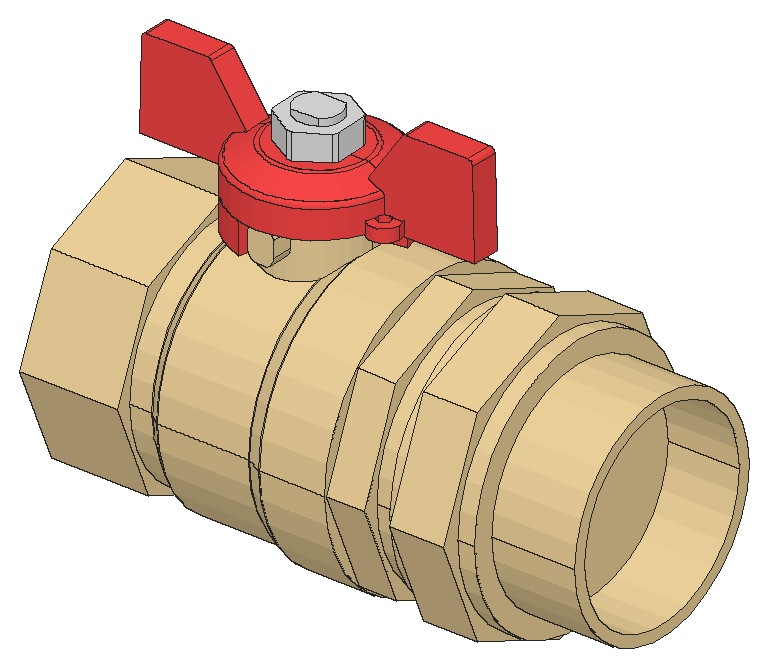
Revit family "Temper_88_КранШаровый-ВН_А_Бабочка", category Арматура трубопроводов, Revit 2019
Family settings
  Размер круглого соединителя = Использовать диаметр
  Тип детали = Вставляется
  На основе рабочей плоскости = Нет
  Всегда вертикально = Да
  При загрузке вырезать с полостями = Нет
  Общий = Нет
Parameters (values of type "DN 32")
  Угол [instance] = 135.00°  # constant formula
  ТВ1 = "temper"  # constant formula
  ТВ = "ВГШ"  # constant formula
  Разработчик = "https://3dbim.pro/"
  Изготовитель = "ООО «ТД «Темпер»"  # constant formula
  Длина УГО [instance] = L - S1  # 90 mm
  K2 [instance] = size_lookup(ТВ, "SW2", 10 mm, ADSK_Диаметр условный)  # 52 mm
  L9 [instance] = size_lookup(ТВ, "L9", 10 mm, ADSK_Диаметр условный)  # 2 mm
  L8 [instance] = size_lookup(ТВ, "L8", 10 mm, ADSK_Диаметр условный)  # 4 mm
  L12 [instance] = L6 * 1.2  # 16.32 mm
  L11 [instance] = size_lookup(ТВ, "L11", 10 mm, ADSK_Диаметр условный)  # 3.4 mm
  L10 [instance] = size_lookup(ТВ, "L10", 10 mm, ADSK_Диаметр условный)  # 10.6 mm
  K1 [instance] = size_lookup(ТВ, "SW1", 10 mm, ADSK_Диаметр условный)  # 49.5 mm
  K [instance] = size_lookup(ТВ, "SW", 10 mm, ADSK_Диаметр условный)  # 47.5 mm
  S2 [instance] = size_lookup(ТВ1, "C", 10 mm, ADSK_Диаметр условный, N)  # 14 mm
  S1 [instance] = if(ADSK_Диаметр условный = 15 mm, 10 mm, size_lookup(ТВ1, "C", 10 mm, ADSK_Диаметр условный, N))  # 14 mm
  N = 13  # constant formula
  L7 [instance] = size_lookup(ТВ, "L7", 10 mm, ADSK_Диаметр условный)  # 7.5 mm
  L6 [instance] = size_lookup(ТВ, "L6", 10 mm, ADSK_Диаметр условный)  # 13.6 mm
  L5 [instance] = size_lookup(ТВ, "L5", 10 mm, ADSK_Диаметр условный)  # 3.4 mm
  L4 [instance] = size_lookup(ТВ, "L4", 10 mm, ADSK_Диаметр условный)  # 17.9 mm
  L3 [instance] = size_lookup(ТВ, "L3", 10 mm, ADSK_Диаметр условный)  # 2.6 mm
  L2 [instance] = size_lookup(ТВ, "L2", 10 mm, ADSK_Диаметр условный)  # 4.5 mm
  L1 [instance] = size_lookup(ТВ, "L1", 10 mm, ADSK_Диаметр условный)  # 19 mm
  L [instance] = size_lookup(ТВ1, "L", 10 mm, ADSK_Диаметр условный, N)  # 104 mm
  G1 [instance] = G * 0.9  # 37.8 mm
  G [instance] = size_lookup(ТВ, "G", 10 mm, ADSK_Диаметр условный)  # 42 mm
  F [instance] = size_lookup(ТВ, "F", 10 mm, ADSK_Диаметр условный)  # 21 mm
  ET2 [instance] = 0.21 * ET  # 10.71 mm
  ET1 [instance] = if(ADSK_Диаметр условный < 25 mm, 0.45 * ET, if(ADSK_Диаметр условный < 40 mm, 0.35 * ET, 0.4 * ET))  # 17.85 mm
  ET [instance] = size_lookup(ТВ1, "B", 10 mm, ADSK_Диаметр условный, N)  # 51 mm
  E [instance] = size_lookup(ТВ, "E", 10 mm, ADSK_Диаметр условный)  # 37.3 mm
  D6 [instance] = size_lookup(ТВ, "D6", 10 mm, ADSK_Диаметр условный)  # 50 mm
  D5 [instance] = size_lookup(ТВ, "D5", 10 mm, ADSK_Диаметр условный)  # 51 mm
  D4 [instance] = size_lookup(ТВ, "D4", 10 mm, ADSK_Диаметр условный)  # 47.8 mm
  D3 [instance] = size_lookup(ТВ, "D3", 10 mm, ADSK_Диаметр условный)  # 54 mm
  D2 [instance] = size_lookup(ТВ, "D2", 10 mm, ADSK_Диаметр условный)  # 50.5 mm
  D1 [instance] = size_lookup(ТВ, "D1", 10 mm, ADSK_Диаметр условный)  # 46.1 mm
  ADSK_Этаж [instance] = ""
  ADSK_Расход жидкости [instance] = 0.0 L/s
  ADSK_Примечание [instance] = ""
  ADSK_Потеря давления жидкости [instance] = 0.0 Pa
  ADSK_Позиция = ""
  ADSK_Обозначение = "ГОСТ Р 59553-2021"  # constant formula
  ADSK_Наименование краткое = "Кран шаровой латунный Temper"  # constant formula
  ADSK_Наименование = size_lookup(ТВ1, "ADSK_Наименование", "", ADSK_Диаметр условный, N)  # "Кран шаровой латунный Temper DN32 (1 14”) PN25 внутренняянаружная американка бабочка"
  ADSK_Материал = Латунь ЛС59-1В
  ADSK_Масса_Текст = size_lookup(ТВ1, "ADSK_Масса_Текст", "", ADSK_Диаметр условный, N)  # "0.785"
  ADSK_Масса = size_lookup(ТВ1, "ADSK_Масса", 0, ADSK_Диаметр условный, N)  # 0.785
  ADSK_Марка = size_lookup(ТВ1, "ADSK_Код изделия", "", ADSK_Диаметр условный, N)  # "8832ВАБ11425"
  ADSK_Количество = 1  # constant formula
  ADSK_Код изделия = size_lookup(ТВ1, "ADSK_Код изделия", "", ADSK_Диаметр условный, N)  # "8832ВАБ11425"
  ADSK_Зона [instance] = ""
  ADSK_Завод-изготовитель = "ООО «ТД «Темпер»"  # constant formula
  ADSK_Единица измерения = "шт."  # constant formula
  ADSK_Диаметр условный = 32 mm
  ADSK_Группирование [instance] = ""
  ADSK_Версия семейства = "v1.0"  # constant formula
  ADSK_Версия Revit = "2019"  # constant formula
  ADSK_URL страницы изделия = "https://brass.temper.ru/en"
  ADSK_URL документации изделия = "https://brass.temper.ru/en"
Types (5, lengths in mm): name | Длина УГО | K2 | L9 | L8 | L12 | L11 | L10 | K1 | K | S2 | S1 | L7 | L6 | L5 | L4 | L3 | L2 | L1 | L | G1 | G | F | ET2 | ET1 | ET | E | D6 | D5 | D4 | D3 | D2 | D1 | ADSK_Наименование | ADSK_Масса_Текст | ADSK_Масса | ADSK_Марка | ADSK_Код изделия | ADSK_Диаметр условный
  (no name) | 90 | 52 | 2 | 4 | 16.32 | 3.4 | 10.6 | 49.5 | 47.5 | 14 | 14 | 7.5 | 13.6 | 3.4 | 17.9 | 2.6 | 4.5 | 19 | 104 | 37.8 | 42 | 21 | 10.71 | 17.85 | 51 | 37.3 | 50 | 51 | 47.8 | 54 | 50.5 | 46.1 | "Кран шаровой латунный Temper DN32 (1 14”) PN25 внутренняянаружная американка бабочка" | "0.785" | 0.785 | "8832ВАБ11425" | "8832ВАБ11425" | 32
  DN 15 | 61 | 29.5 | 1 | 2.3 | 14.16 | 2.9 | 9.5 | 27.15 | 25.5 | 12 | 10 | 4.7 | 11.8 | 2.6 | 9.7 | 1.5 | 2 | 11.9 | 71 | 19.35 | 21.5 | 15.75 | 7.77 | 16.65 | 37 | 23.75 | 28.85 | 28.85 | 26 | 29.5 | 26.8 | 24.5 | "Кран шаровой латунный Temper DN15 (12”) PN40 внутренняянаружная американка бабочка" | "0.199" | 0.199 | "8815ВАБ1240" | "8815ВАБ1240" | 15
  DN 20 | 68 | 36.5 | 1 | 1.5 | 14.16 | 2.7 | 8.8 | 34.9 | 31.5 | 12 | 12 | 5 | 11.8 | 2.6 | 11.8 | 1.6 | 1.9 | 14.6 | 80 | 23.85 | 26.5 | 15.75 | 8.19 | 17.55 | 39 | 26.5 | 36.3 | 36.3 | 36.3 | 35.5 | 32.75 | 30 | "Кран шаровой латунный Temper DN20 (34”) PN40 внутренняянаружная американка бабочка" | "0.274" | 0.274 | "8820ВАБ3440" | "8820ВАБ3440" | 20
  DN 32 | 90 | 52 | 2 | 4 | 16.32 | 3.4 | 10.6 | 49.5 | 47.5 | 14 | 14 | 7.5 | 13.6 | 3.4 | 17.9 | 2.6 | 4.5 | 19 | 104 | 37.8 | 42 | 21 | 10.71 | 17.85 | 51 | 37.3 | 50 | 51 | 47.8 | 54 | 50.5 | 46.1 | "Кран шаровой латунный Temper DN32 (1 14”) PN25 внутренняянаружная американка бабочка" | "0.785" | 0.785 | "8832ВАБ11425" | "8832ВАБ11425" | 32
  DN 25 | 73 | 46.5 | 1.5 | 4 | 16.08 | 4.8 | 9.7 | 42.5 | 38.25 | 14 | 14 | 5.5 | 13.4 | 2.5 | 15.5 | 1.9 | 1.6 | 18.6 | 87 | 30.15 | 33.5 | 20 | 8.82 | 14.7 | 42 | 32.5 | 46 | 45 | 41.5 | 43 | 40.5 | 37.25 | "Кран шаровой латунный Temper DN25 (1”) PN40 внутренняянаружная американка бабочка" | "0.448" | 0.448 | "8825ВАБ140" | "8825ВАБ140" | 25
Reference planes
  plane 1 "По центру (Вперед/Назад)": y = 0
  plane 2: z = 0
  plane 3 "По центру (Влево/Вправо)": x = 0
  plane 4: x = -37.3
  plane 5: x = 30.38
  plane 6: x = -18.3
  plane 7: x = -13.8
  plane 8: x = -11.2
  plane 9: x = 6.7
  plane 10: x = 10.1
  plane 11: x = 22.88
  plane 12 "1": x = -23.3
  plane 13: z = 33.15
  plane 14: z = 51
  plane 15: x = 34.38
  plane 16: x = 46.98
  plane 17: x = 50.38
  plane 18: x = 36.38
  plane 19: x = 66.7
  plane 20: x = 52.7
Forms (mm)
  Extrusion 1, solid, material "Латунь ЛС59-1В" <- "ADSK_Материал", detail levels fine
    sketch origin (-18.841, 0, -5.999) x (0, 1, 0) y (0, 0, 1)
      loop
        circle (0, 5.999) r 23.05
    from 0.541 to 5.041
  Extrusion 2, solid, material "Латунь ЛС59-1В" <- "ADSK_Материал", detail levels fine
    sketch origin (-18.841, -37.917, 10.096) x (0, 1, 0) y (0, 0, 1)
      loop
        circle (37.917, -10.096) r 25.25
    from 7.641 to 25.541
  Extrusion 3, solid, material "Латунь ЛС59-1В" <- "ADSK_Материал", detail levels fine
    sketch origin (-18.841, -79.208, 7.932) x (0, 1, 0) y (0, 0, 1)
      loop
        circle (79.208, -7.932) r 27
    from 28.941 to 41.721
  Blend 4, solid, material "Латунь ЛС59-1В" <- "ADSK_Материал", detail levels fine
    base sketch origin (-18.841, 0, -5.999) x (0, 1, 0) y (0, 0, 1)
      loop
        circle (0, 5.999) r 23.05
    top sketch origin (-18.841, 0, -5.999) x (0, 1, 0) y (0, 0, 1)
      loop
        circle (0, 5.999) r 25.25
    from 5.041 to 7.641
  Blend 5, solid, material "Латунь ЛС59-1В" <- "ADSK_Материал", detail levels fine
    base sketch origin (-18.841, -33.951, 12.82) x (0, 1, 0) y (0, 0, 1)
      loop
        circle (33.951, -12.82) r 27
    top sketch origin (-18.841, -33.951, 12.82) x (0, 1, 0) y (0, 0, 1)
      loop
        circle (33.951, -12.82) r 25.25
    from 28.941 to 25.541
  Extrusion 6, solid, material "Латунь ЛС59-1В" <- "ADSK_Материал", detail levels fine
    sketch origin (0, 0, 0) x (1, 0, 0) y (0, 1, 0)
      loop
        circle (0, 0) r 10.5
    from 0 to 33.15
  Extrusion 7, solid, material "Латунь ЛС59-1В" <- "ADSK_Материал", detail levels fine
    sketch origin (-0.106, -0.025, -0.026) x (0, 1, 0) y (0, 0, 1)
      loop
        line (-18.157, 18.199) -> (-25.682, 0.02) -> (-18.148, -18.156) -> (0.031, -25.681) -> (18.207, -18.147) -> (25.732, 0.032) -> (18.198, 18.208) -> (0.019, 25.733) -> (-18.157, 18.199)
    from -37.194 to -18.194
  Extrusion 8, solid, material "Латунь ЛС59-1В" <- "ADSK_Материал", detail levels fine
    sketch origin (87.39, -0.618, -0.151) x (0, 1, 0) y (0, 0, 1)
      loop
        line (-18.431, 18.987) -> (-26.17, 0) -> (-18.218, -18.898) -> (0.769, -26.638) -> (19.667, -18.685) -> (27.407, 0.301) -> (19.454, 19.2) -> (0.468, 26.939) -> (-18.431, 18.987)
    from -64.51 to -57.01
  Extrusion 9, void
    sketch origin (0, 0, 0) x (0, 1, 0) y (0, 0, 1)
      loop
        circle (0, 0) r 21
    from -37.3 to -23.3
  Extrusion 10, solid, material "Латунь ЛС59-1В" <- "ADSK_Материал", detail levels fine
    sketch origin (0, 0, 0) x (0, 1, 0) y (0, 0, 1)
      loop
        circle (0, 0) r 23.9
    from 30.38 to 34.38
  Extrusion 11, solid, material "Латунь ЛС59-1В" <- "ADSK_Материал", detail levels fine
    sketch origin (11.837, 0, 1.116) x (0, 1, 0) y (0, 0, 1)
      loop
        circle (0, -1.116) r 25.5
    from 22.543 to 24.543
  Extrusion 12, solid, material "Латунь ЛС59-1В" <- "ADSK_Материал", detail levels fine
    sketch origin (13.627, 0, 0.816) x (0, 1, 0) y (0, 0, 1)
      loop
        circle (0, -0.816) r 25
    from 33.353 to 36.753
  Extrusion 13, solid, material "Латунь ЛС59-1В" <- "ADSK_Материал", detail levels fine
    sketch origin (1.439, 0, -1.486) x (0, 1, 0) y (0, 0, 1)
      loop
        circle (0, 1.486) r 21
    from 65.261 to 48.941
  Extrusion 14, solid, material "Латунь ЛС59-1В" <- "ADSK_Материал", detail levels fine
    sketch origin (0, 0, 0) x (0, 1, 0) y (0, 0, 1)
      loop
        line (0, -28.142) -> (19.9, -19.9) -> (28.142, 0) -> (19.9, 19.9) -> (0, 28.142) -> (-19.9, 19.9) -> (-28.142, 0) -> (-19.9, -19.9) -> (0, -28.142)
    from 36.38 to 46.98
  Extrusion 15, void
    sketch origin (0, 0, 0) x (0, 1, 0) y (0, 0, 1)
      loop
        circle (0, 0) r 18.9
    from 52.7 to 66.7
Cuts and joins
  Extrusion 9, Extrusion 15 cuts Extrusion 2
  Extrusion 9, Extrusion 15 cuts Extrusion 3
  Extrusion 9, Extrusion 15 cuts Blend 5
  Extrusion 9, Extrusion 15 cuts Extrusion 6
  Extrusion 9, Extrusion 15 cuts Extrusion 8
  Extrusion 9 cuts Extrusion 7
  Extrusion 15 cuts Extrusion 10
  Extrusion 15 cuts Extrusion 11
  Extrusion 15 cuts Extrusion 12
  Extrusion 15 cuts Extrusion 13
  Extrusion 15 cuts Extrusion 14
Dimensions and locks
  "E": plane 3 "По центру (Влево/Вправо)" to plane 4
  "S1": plane 12 "1" to plane 4
  "L1": plane 6 to plane 4
  "L2": plane 7 to plane 6
  "L3": plane 8 to plane 7
  "L4": plane 9 to plane 8
  "L5": plane 10 to plane 9
  "L7": plane 5 to plane 11
  "K": Extrusion 7 sketch curve to Extrusion 7 sketch curve  (x4)
  equal spacing: Extrusion 7 sketch curve, plane 1 "По центру (Вперед/Назад)", Extrusion 7 sketch curve  (x4)
  "K1": Extrusion 8 sketch curve to Extrusion 8 sketch curve  (x4)
  equal spacing: Extrusion 8 sketch curve, plane 1 "По центру (Вперед/Назад)", Extrusion 8 sketch curve  (x4)
  "ET": plane 14 to plane 2
  "ET1": plane 14 to plane 13
  "L8": plane 15 to plane 5
  "L9": plane 15 to plane 18
  "L10": plane 16 to plane 18
  "L11": plane 17 to plane 16
  "L": plane 19 to plane 4
  "L12": plane 19 to plane 17
  "K2": Extrusion 14 sketch curve to Extrusion 14 sketch curve  (x4)
  equal spacing: Extrusion 14 sketch curve, cut or joined group of Extrusion 6, Extrusion 9, Extrusion 15, Extrusion 14 sketch curve  (x4)
  "S2": plane 19 to plane 20
  "D1": diameter of Extrusion 1 sketch curve
  "D2": diameter of Extrusion 2 sketch curve
  "D3": diameter of Extrusion 3 sketch curve
  "D1": diameter of Blend 4 sketch curve
  "D2": diameter of Blend 4 sketch curve
  "D3": diameter of Blend 5 sketch curve
  "D2": diameter of Blend 5 sketch curve
  "F": diameter of Extrusion 6 sketch curve
  "G": diameter of Extrusion 9 sketch curve
  "D4": diameter of Extrusion 10 sketch curve
  "D5": diameter of Extrusion 11 sketch curve
  "D6": diameter of Extrusion 12 sketch curve
  "G": diameter of Extrusion 13 sketch curve
  "G1": diameter of Extrusion 15 sketch curve
  angle Extrusion 7 sketch curve to Extrusion 7 sketch curve = 135.00°  (x8)
  angle Extrusion 8 sketch curve to Extrusion 8 sketch curve = 135.00°  (x8)
  angle Extrusion 14 sketch curve to Extrusion 14 sketch curve = 135.00°  (x8)
  aligned and locked: level to plane 2
  aligned and locked: plane 2 to Extrusion 1 sketch curve
  aligned and locked: plane 1 "По центру (Вперед/Назад)" to Extrusion 1 sketch curve
  aligned and locked: level to Blend 4 sketch curve  (x2)
  aligned and locked: plane 1 "По центру (Вперед/Назад)" to Blend 4 sketch curve  (x2)
  aligned and locked: level to Extrusion 2 sketch curve
  aligned and locked: plane 1 "По центру (Вперед/Назад)" to Extrusion 2 sketch curve
  aligned and locked: level to Blend 5 sketch curve  (x2)
  aligned and locked: plane 1 "По центру (Вперед/Назад)" to Blend 5 sketch curve  (x2)
  aligned and locked: level to Extrusion 3 sketch curve
  aligned and locked: plane 1 "По центру (Вперед/Назад)" to Extrusion 3 sketch curve
  aligned and locked: Extrusion 1 to plane 6
  aligned and locked: plane 7 to Extrusion 1
  aligned and locked: Blend 4 to plane 7
  aligned and locked: plane 8 to Blend 4
  aligned and locked: Extrusion 2 to plane 8
  aligned and locked: plane 9 to Extrusion 2
  aligned and locked: Blend 5 to plane 9
  aligned and locked: plane 10 to Blend 5
  aligned and locked: Extrusion 3 to plane 10
  aligned and locked: plane 11 to Extrusion 3
  aligned and locked: plane 1 "По центру (Вперед/Назад)" to Extrusion 6 sketch curve
  aligned and locked: plane 3 "По центру (Влево/Вправо)" to Extrusion 6 sketch curve
  aligned and locked: Extrusion 6 to level
  aligned and locked: Extrusion 7 to plane 4
  aligned and locked: plane 6 to Extrusion 7
  aligned and locked: Extrusion 8 to plane 11
  aligned and locked: plane 5 to Extrusion 8
  aligned and locked: Extrusion 9 to plane 4
  aligned and locked: plane 12 "1" to Extrusion 9
  aligned and locked: plane 13 to Extrusion 6
  aligned and locked: Extrusion 10 to plane 15
  aligned and locked: Extrusion 10 to plane 5
  aligned and locked: plane 15 to Extrusion 11
  aligned and locked: plane 18 to Extrusion 11
  aligned and locked: plane 2 to Extrusion 11 sketch curve
  aligned and locked: plane 1 "По центру (Вперед/Назад)" to Extrusion 11 sketch curve
  aligned and locked: Extrusion 12 to plane 16
  aligned and locked: plane 17 to Extrusion 12
  aligned and locked: plane 2 to Extrusion 12 sketch curve
  aligned and locked: plane 1 "По центру (Вперед/Назад)" to Extrusion 12 sketch curve
  aligned and locked: Extrusion 13 to plane 17
  aligned and locked: plane 19 to Extrusion 13
  aligned and locked: plane 2 to Extrusion 13 sketch curve
  aligned and locked: plane 1 "По центру (Вперед/Назад)" to Extrusion 13 sketch curve
  aligned and locked: Extrusion 14 to plane 18
  aligned and locked: plane 16 to Extrusion 14
  aligned and locked: plane 19 to Extrusion 15
  aligned and locked: cut or joined group of Extrusion 13, Extrusion 15 to plane 20
  aligned and locked: nested 1 to plane 12 "1"
  aligned and locked: level to nested 1
  aligned and locked: nested 2 to plane 2
  aligned and locked: plane 12 "1" to nested 2
  aligned and locked: plane 1 "По центру (Вперед/Назад)" to nested 3
  aligned and locked: plane 3 "По центру (Влево/Вправо)" to nested 3
  aligned and locked: nested 3 to plane 13
Automatic sketch dimensions
  Extrusion 7 sketch curve to level = 0.006 mm
  Extrusion 8 sketch curve to level = 0.151 mm
  Extrusion 9 sketch curve to level = 0 mm
  Extrusion 9 sketch curve to plane 1 "По центру (Вперед/Назад)" = 0 mm
  Extrusion 10 sketch curve to level = 0 mm
  Extrusion 10 sketch curve to plane 1 "По центру (Вперед/Назад)" = 0 mm
  Extrusion 14 sketch curve to plane 1 "По центру (Вперед/Назад)" = 0 mm
  Extrusion 15 sketch curve to level = 0 mm
  Extrusion 15 sketch curve to plane 1 "По центру (Вперед/Назад)" = 0 mm
Nested families
  nested 1: "УГО_АТ_Кран шаровой проходной" at (21.7, 0, 0) x (1, 0, 0) z (0, 1, 0), УГО_Длина <- "Длина УГО", type "УГО_АТ_Кран шаровой проходной", detail levels coarse+medium
    with УГО_Длина 90 mm, d 9 mm, a 45 mm
  nested 2: "УГО_ЭУ_Кран шаровой проходной" at (21.7, 0, 0) x (1, 0, 0) z (0, -1, 0), УГО_Длина <- "Длина УГО", type "УГО_ЭУ_Кран шаровой проходной", detail levels coarse+medium
    with УГО_Длина 90 mm, R 9 mm, A 51.962 mm
  nested 3: "Вл_бабочка" at (0, 0, 33.15), Диаметр <- "ADSK_Диаметр условный", type "Красная", detail levels fine
    with Диаметры 25 и 32 yes, Диаметры 15 и 20 no, Диаметр 32 mm
Connectors
  piping at (66.7, 0, 0), diameter 32, driven by "ADSK_Диаметр условный", driven by "ADSK_Расход жидкости"
    settings: on cut or joined group of Extrusion 13, Extrusion 15, index 1, connector inside diameter 609.6 mm, connector length 0 mm, flow factor 0, pipe flow 0.0 L/s, pressure drop 0.0 Pa, fitting loss kfactor 0, connector angle 0.00°, fixture units 0, engagement length 0 mm, angle of deflection 0.00°, flow configuration 0, flow direction 0, fitting loss method 0, system type 29, joint type 0, gender type 0, connector reference index 2, connector utility 0, adjustable connector no, is connector primary yes, connector description ""
  piping at (-23.3, 0, 0), diameter 32, driven by "ADSK_Диаметр условный", driven by "ADSK_Расход жидкости", driven by "ADSK_Потеря давления жидкости"
    settings: on cut or joined group of Extrusion 7, Extrusion 9, index 2, connector inside diameter 609.6 mm, connector length 0 mm, flow factor 0, pipe flow 0.0 L/s, pressure drop 0.0 Pa, fitting loss kfactor 0, connector angle 0.00°, fixture units 0, engagement length 0 mm, angle of deflection 0.00°, flow configuration 0, flow direction 0, fitting loss method 4, system type 29, joint type 0, gender type 0, connector reference index 1, connector utility 0, adjustable connector no, is connector primary no, connector description ""
Definition of nested family "УГО_АТ_Кран шаровой проходной"
  Parameters (values of type "УГО_АТ_Кран шаровой проходной")
    УГО_Длина [instance] = 60 mm
    d [instance] = УГО_Длина / 10  # 6 mm
    a [instance] = УГО_Длина / 2  # 30 mm
  Reference planes
    plane 1 "По центру (Вперед/Назад)": y = 0
    plane 2: z = 0
    plane 3 "По центру (Влево/Вправо)": x = 0
    plane 4: x = -30
    plane 5: x = 30
  Forms (mm)
    Extrusion 1, solid
      sketch origin (0, 0, 0) x (1, 0, 0) y (0, 0, 1)
        loop
          line (0, 0) -> (-30, 17.321) -> (-30, -17.321) -> (0, 0)
      from -0.5 to 0.5
    Extrusion 2, solid
      sketch origin (0, 0, 0) x (-1, 0, 0) y (0, 0, -1)
        loop
          line (0, 0) -> (-30, 17.321) -> (-30, -17.321) -> (0, 0)
      from -0.5 to 0.5
    Extrusion 3, solid
      sketch origin (0, 0, 0) x (1, 0, 0) y (0, 0, 1)
        loop
          circle (0, 0) r 6
      from -1 to 1
  Cuts and joins
    joined: Extrusion 1, Extrusion 2, Extrusion 3
  Dimensions and locks
    "a": plane 3 "По центру (Влево/Вправо)" to plane 4
    "a": plane 5 to plane 3 "По центру (Влево/Вправо)"
    "d": radius of Extrusion 3 sketch curve
    locked: plane 2 to Extrusion 2 sketch curve (angle 30.00°)
    locked: Extrusion 2 sketch curve to plane 2 (angle 30.00°)
    locked: Extrusion 1 sketch curve to plane 2 (angle 30.00°)
    locked: plane 2 to Extrusion 1 sketch curve (angle 30.00°)
    aligned and locked: level to plane 2
    aligned and locked: plane 3 "По центру (Влево/Вправо)" to Extrusion 3 sketch curve
    aligned and locked: plane 2 to Extrusion 3 sketch curve
  Automatic sketch dimensions
    Extrusion 1 sketch curve to plane 4 = 0 mm
    Extrusion 1 sketch curve to level = 0 mm
    Extrusion 1 sketch curve to plane 3 "По центру (Влево/Вправо)" = 0 mm
    plane 5 to Extrusion 2 sketch curve = 0 mm
    Extrusion 2 sketch curve to level = 0 mm
    Extrusion 2 sketch curve to plane 3 "По центру (Влево/Вправо)" = 0 mm
Definition of nested family "Вл_бабочка"
  Parameters (values of type "Красная")
    Материал = none
    Диаметры 25 и 32 [instance] = or(Диаметр = 25 mm, Диаметр = 32 mm)  # yes
    Диаметры 15 и 20 [instance] = or(Диаметр = 15 mm, Диаметр = 20 mm)  # no
    Диаметр [instance] = 25 mm
  Reference planes
    plane 1 "По центру (Вперед/Назад)": y = 0
    plane 2: z = 0
    plane 3 "По центру (Влево/Вправо)": x = 0
  Forms (mm)
    Revolve 1, solid, material <- "Материал", visible <- "Диаметры 15 и 20"
      sketch origin (0, 0, 0) x (1, 0, 0) y (0, 0, 1)
        loop
          line (11.2, -5) -> (11.2, 0) -> (8.506, 0) -> (8.506, -5) -> (11.2, -5)
        axis (0, 0) -> (0, -5)
      angle from 13 to 76
    Revolve 2, solid, material <- "Материал", visible <- "Диаметры 15 и 20"
      sketch origin (0, 0, 0) x (-1, 0, 0) y (0, 0, 1)
        loop
          line (11.2, -5) -> (11.2, 0) -> (8.5, 0) -> (8.5, -5) -> (11.2, -5)
        axis (0, 0) -> (0, -5)
      angle from -76 to -13
    Extrusion 3, solid, visible <- "Диаметры 15 и 20"
      sketch origin (0, 0, 0) x (1, 0, 0) y (0, 0, 1)
        loop
          arc (0.858, -5.252) -> (1.706, -4.901) -> (2.058, -4.052) r 1.2
          line (2.058, -4.052) -> (2.058, -1.792)
          arc (2.058, -1.792) -> (1.824, -1.227) -> (1.258, -0.992) r 0.8
          line (1.258, -0.992) -> (-1.258, -0.992)
          arc (-1.258, -0.992) -> (-1.824, -1.227) -> (-2.058, -1.792) r 0.8
          line (-2.058, -1.792) -> (-2.058, -4.052)
          arc (-2.058, -4.052) -> (-1.706, -4.901) -> (-0.858, -5.252) r 1.2
          line (-0.858, -5.252) -> (0.858, -5.252)
      from 0 to 10.5
    Revolve 4, solid, material <- "Материал", visible <- "Диаметры 15 и 20"
      sketch origin (0, 0, 0) x (1, 0, 0) y (0, 0, 1)
        loop
          line (-5.543, 11.707) -> (-10.907, 6.343)
          arc (-10.907, 6.343) -> (-11.124, 6.018) -> (-11.2, 5.636) r 1
          line (-11.2, 5.636) -> (-11.2, 0) -> (0, 0) -> (0, 12) -> (-4.836, 12)
          arc (-4.836, 12) -> (-5.218, 11.924) -> (-5.543, 11.707) r 1
        axis (0, 0) -> (0, 12)
      angle from 0 to 360
    Extrusion 5, solid, material <- "Материал", visible <- "Диаметры 15 и 20"
      sketch origin (0, 0, 0) x (1, 0, 0) y (0, 0, 1)
        loop
          line (26, 0) -> (25.773, 14.773)
          arc (25.773, 14.773) -> (25.325, 15.819) -> (24.273, 16.25) r 1.5
          line (24.273, 16.25) -> (16.371, 16.25)
          arc (16.371, 16.25) -> (15.797, 16.136) -> (15.311, 15.811) r 1.5
          line (15.311, 15.811) -> (1.71, 2.21) -> (1.71, 0) -> (26, 0)
        loop
          line (-26, 0) -> (-1.71, 0) -> (-1.71, 2.21) -> (-15.311, 15.811)
          arc (-15.311, 15.811) -> (-15.797, 16.136) -> (-16.371, 16.25) r 1.5
          line (-16.371, 16.25) -> (-24.273, 16.25)
          arc (-24.273, 16.25) -> (-25.325, 15.819) -> (-25.773, 14.773) r 1.5
          line (-25.773, 14.773) -> (-26, 0)
      from 2.375 to -2.375
    Extrusion 6, solid, material <- "Материал", visible <- "Диаметры 15 и 20"
      sketch origin (0, 0, 0) x (1, 0, 0) y (0, 1, 0)
        loop
          circle (0, 0) r 4.5
      from 12 to 13.27
    Extrusion 7, solid, visible <- "Диаметры 15 и 20"
      sketch origin (0, 0, 0) x (1, 0, 0) y (0, 1, 0)
        loop
          line (-2.021, 3.5) -> (-4.041, 0) -> (-2.021, -3.5) -> (2.021, -3.5) -> (4.041, 0) -> (2.021, 3.5) -> (-2.021, 3.5)
        loop
          circle (0, 0) r 2.8
      from 13.27 to 15.77
    Extrusion 8, solid, visible <- "Диаметры 15 и 20"
      sketch origin (0, 0, 0) x (1, 0, 0) y (0, 1, 0)
        loop
          circle (0, 0) r 2.8
      from 13.27 to 15.5
    Extrusion 9, solid, material <- "Материал", visible <- "Диаметры 15 и 20"
      sketch origin (0, 0, 0) x (1, 0, 0) y (0, 1, 0)
        loop
          arc (9.664, -5.661) -> (14.777, -7.992) -> (14.953, -2.375) r 3.375
          line (14.953, -2.375) -> (10.945, -2.375)
          arc (10.945, -2.375) -> (10.435, -4.069) -> (9.664, -5.661) r 11.2
        loop
          arc (14.953, 2.375) -> (14.777, 7.992) -> (9.664, 5.661) r 3.375
          arc (9.664, 5.661) -> (10.435, 4.069) -> (10.945, 2.375) r 11.2
          line (10.945, 2.375) -> (14.953, 2.375)
        loop
          circle (12.996, 5.125) r 1
        loop
          circle (12.996, -5.125) r 1
      from 0 to 2
    Extrusion 10, solid, material <- "Материал", visible <- "Диаметры 25 и 32"
      sketch origin (0, 0, 0) x (1, 0, 0) y (0, 0, 1)
        loop
          line (-32.134, 16.772) -> (-32.5, 0) -> (-6.434, 0) -> (-18.564, 17.324)
          arc (-18.564, 17.324) -> (-18.922, 17.637) -> (-19.383, 17.75) r 1
          line (-19.383, 17.75) -> (-31.134, 17.75)
          arc (-31.134, 17.75) -> (-31.834, 17.465) -> (-32.134, 16.772) r 1
        loop
          arc (32.134, 16.772) -> (31.834, 17.465) -> (31.134, 17.75) r 1
          line (31.134, 17.75) -> (19.383, 17.75)
          arc (19.383, 17.75) -> (18.922, 17.637) -> (18.564, 17.324) r 1
          line (18.564, 17.324) -> (6.434, 0) -> (32.5, 0) -> (32.134, 16.772)
      from -2.625 to 2.625
    Revolve 11, solid, material <- "Материал", visible <- "Диаметры 25 и 32"
      sketch origin (0, 0, 0) x (1, 0, 0) y (0, 0, 1)
        loop
          line (-15.1, 0) -> (0, 0) -> (0, 8.75) -> (-8.969, 8.75)
          arc (-8.969, 8.75) -> (-9.359, 8.707) -> (-9.73, 8.581) r 1.8
          line (-9.73, 8.581) -> (-14.465, 6.373)
          arc (-14.465, 6.373) -> (-14.928, 5.968) -> (-15.1, 5.377) r 1.1
          line (-15.1, 5.377) -> (-15.1, 0)
        axis (0, 0) -> (0, 8.75)
      angle from 0 to 360
    Revolve 12, solid, material <- "Материал", visible <- "Диаметры 25 и 32"
      sketch origin (0, 0, 0) x (1, 0, 0) y (0, 0, 1)
        loop
          line (15.1, -6) -> (15.1, 0) -> (11.5, 0) -> (11.5, -6) -> (15.1, -6)
        axis (0, -6) -> (0, 0)
      angle from 13 to 76
    Revolve 13, solid, material <- "Материал", visible <- "Диаметры 25 и 32"
      sketch origin (0, 0, 0) x (-1, 0, 0) y (0, 0, 1)
        loop
          line (15.1, -6) -> (15.1, 0) -> (11.5, 0) -> (11.5, -6) -> (15.1, -6)
        axis (0, -6) -> (0, 0)
      angle from -13 to -76
    Extrusion 14, solid, visible <- "Диаметры 25 и 32"
      sketch origin (0, 0, 0) x (1, 0, 0) y (0, 0, 1)
        loop
          arc (2.5, -1.6) -> (2.031, -0.469) -> (0.9, 0) r 1.6
          line (0.9, 0) -> (-0.9, 0)
          arc (-0.9, 0) -> (-2.031, -0.469) -> (-2.5, -1.6) r 1.6
          line (-2.5, -1.6) -> (-2.5, -4.7)
          arc (-2.5, -4.7) -> (-1.973, -5.973) -> (-0.7, -6.5) r 1.8
          line (-0.7, -6.5) -> (0.7, -6.5)
          arc (0.7, -6.5) -> (1.973, -5.973) -> (2.5, -4.7) r 1.8
          line (2.5, -4.7) -> (2.5, -1.6)
      from 0 to 14
    Extrusion 15, solid, visible <- "Диаметры 25 и 32"
      sketch origin (0, 0, 0) x (1, 0, 0) y (0, 1, 0)
        loop
          line (-0.604, 7.074) -> (-5.963, 3.855)
          arc (-5.963, 3.855) -> (-6.21, 3.442) -> (-6.429, 3.014) r 7.1
          line (-6.429, 3.014) -> (-6.319, -3.236)
          arc (-6.319, -3.236) -> (-6.086, -3.657) -> (-5.824, -4.06) r 7.1
          line (-5.824, -4.06) -> (-0.357, -7.091)
          arc (-0.357, -7.091) -> (0.124, -7.099) -> (0.604, -7.074) r 7.1
          line (0.604, -7.074) -> (5.963, -3.855)
          arc (5.963, -3.855) -> (6.21, -3.442) -> (6.429, -3.014) r 7.1
          line (6.429, -3.014) -> (6.319, 3.236)
          arc (6.319, 3.236) -> (6.086, 3.657) -> (5.824, 4.06) r 7.1
          line (5.824, 4.06) -> (0.357, 7.091)
          arc (0.357, 7.091) -> (-0.124, 7.099) -> (-0.604, 7.074) r 7.1
        loop
          circle (0, 0) r 4.2
      from 8.75 to 13.75
    Extrusion 16, solid, visible <- "Диаметры 25 и 32"
      sketch origin (0, 0, 0) x (1, 0, 0) y (0, 1, 0)
        loop
          line (2.66, 3.25) -> (-2.66, 3.25)
          arc (-2.66, 3.25) -> (-4.2, 0) -> (-2.66, -3.25) r 4.2
          line (-2.66, -3.25) -> (2.66, -3.25)
          arc (2.66, -3.25) -> (4.2, 0) -> (2.66, 3.25) r 4.2
      from 8.75 to 15
    Extrusion 17, solid, material <- "Материал", visible <- "Диаметры 25 и 32"
      sketch origin (0, 0, 0) x (1, 0, 0) y (0, 1, 0)
        loop
          circle (-15.906, 3.882) r 3
        loop
          circle (15.906, -3.882) r 3
        loop
          circle (-15.906, 3.882) r 1.25
        loop
          circle (15.906, -3.882) r 1.25
      from 0 to 2.5
  Cuts and joins
    joined: Revolve 4, Extrusion 5
    joined: Extrusion 10, Revolve 11
  Dimensions and locks
    aligned and locked: level to plane 2
Definition of nested family "УГО_ЭУ_Кран шаровой проходной"
  Parameters (values of type "УГО_ЭУ_Кран шаровой проходной")
    УГО_Длина [instance] = 54 mm
    R [instance] = УГО_Длина / 10  # 5.4 mm
    A [instance] = УГО_Длина / tan(60.00°)  # 31.177 mm
  Reference planes
    plane 1 "По центру (Вперед/Назад)": y = 0
    plane 2: z = 0
    plane 3 "По центру (Влево/Вправо)": x = 0
    plane 4: x = -27
    plane 5: x = 27
    plane 6: y = 15.588
    plane 7: y = -15.588
  Lines and regions (mm)
    Filled region 1, type "УГО_ЭУ_Белый", in view "Опорный уровень"
      outline origin (0, 0, 0) x (1, 0, 0) y (0, 1, 0)
        loop
          circle (0, 0) r 5.4
    Masking region 1, in view "Опорный уровень"
      outline origin (0, 0, 0) x (1, 0, 0) y (0, 1, 0)
        loop
          line (-27, 15.588) -> (-27, -15.588) -> (-4.677, -2.7)
          arc (-4.677, -2.7) -> (-5.4, 0) -> (-4.677, 2.7) r 5.4
          line (-4.677, 2.7) -> (-27, 15.588)
    Masking region 2, in view "Опорный уровень"
      outline origin (0, 0, 0) x (1, 0, 0) y (0, 1, 0)
        loop
          line (27, 15.588) -> (4.677, 2.7)
          arc (4.677, 2.7) -> (5.4, 0) -> (4.677, -2.7) r 5.4
          line (4.677, -2.7) -> (27, -15.588) -> (27, 15.588)
  Dimensions and locks
    equal spacing: plane 4, plane 3 "По центру (Влево/Вправо)", plane 5
    "УГО_Длина": plane 4 to plane 5
    equal spacing: plane 6, plane 1 "По центру (Вперед/Назад)", plane 7
    "A": plane 6 to plane 7
    "R": radius of Masking region 1 sketch curve
    "R": radius of Masking region 2 sketch curve
    "R": radius of Filled region 1 sketch curve
    locked: Masking region 1 sketch curve to plane 6 (angle 30.00°)
    locked: plane 7 to Masking region 1 sketch curve (angle 30.00°)
    locked: plane 6 to Masking region 2 sketch curve (angle 30.00°)
    locked: Masking region 2 sketch curve to plane 7 (angle 30.00°)
    aligned and locked: plane 3 "По центру (Влево/Вправо)" to Masking region 1 sketch curve
    aligned and locked: plane 1 "По центру (Вперед/Назад)" to Masking region 1 sketch curve
    aligned and locked: plane 3 "По центру (Влево/Вправо)" to Masking region 2 sketch curve
    aligned and locked: plane 1 "По центру (Вперед/Назад)" to Masking region 2 sketch curve
    aligned and locked: plane 5 to Masking region 2 sketch curve  (x2)
    aligned and locked: plane 6 to Masking region 1 sketch curve
    aligned and locked: plane 7 to Masking region 1 sketch curve
    aligned and locked: plane 4 to Masking region 1 sketch curve  (x2)
    aligned and locked: plane 6 to Masking region 2 sketch curve
    aligned and locked: plane 7 to Masking region 2 sketch curve
  Automatic sketch dimensions
    plane 1 "По центру (Вперед/Назад)" to Filled region 1 sketch curve = 0 mm
    Filled region 1 sketch curve to plane 3 "По центру (Влево/Вправо)" = 0 mm
